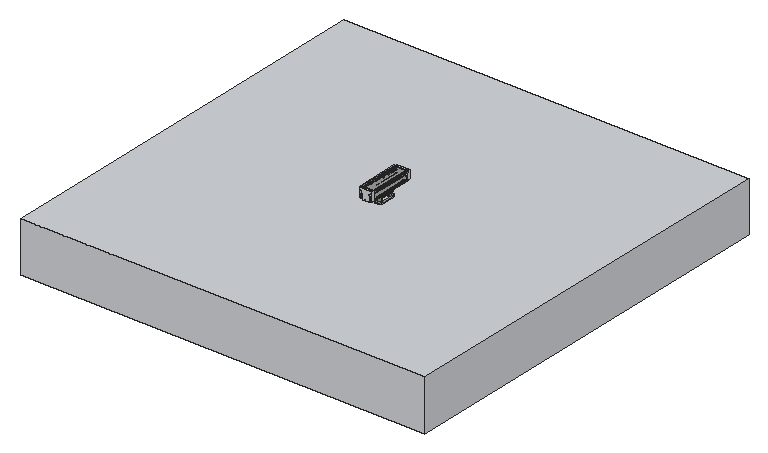
Revit family "L-industry NEW 12", category Осветительные приборы, Revit 2017 (continued)
Types (11, lengths in mm): name | Wattage | Артикул | URL | built-in parameter 1150134 | Файл фотометрической сетки | built-in parameter 1150142 | Группа модели | built-in parameter 1150105 | Lumens | built-in parameter 1150107 | built-in parameter 1150106 | Описание
  (no name) | 9.67403 W | "204101300742200" | "https://ledel.ru/products/home-light/l-industry-12.html" | 12 | "L-industry NEW 12-11-D-4.0K-02.ies" | "IESNA:LM-63-1995\r\n[TEST]LEDEL\r\n[DATA]27.11.2018\r\n[MANUFAC]LEDEL\r\n[LUMCAT]L-industry NEW 12/11/Д/4.0K/02\r\n[LUMINAIRE]Для освещения  промышленных объектов, складов, рекламных щитов, вывесок, декоративной подсветки  \r\n[MORE]\r\n[LAMPCAT]LED \r\n[LAMP]OSRAM OSLON\r\nTILT=NONE\r\n\r\n1 1437 1.0249643 37 19 1 2 0.28 0.083 0.110\r\n\r\n1 1 11\r\n\r\n0 2.5 5 7.5 10 12.5 15 17.5 20 22.5 25 27.5 30 32.5 35 37.5 40 42.5 45 47.5\r\n 50 52.5 55 57.5 60 62.5 65 67.5 70 72.5 75 77.5 80 82.5 85 87.5 90\r\n\r\n  0 5 10 15 20 25 30 35 40 45 50 55 60 65 70 75\r\n  80 85 90\r\n\r\n  720 725 728 712 704 700 683 669 654 632 615 586 558 523 478\r\n  408 362 320 277 237 206 164 127 105 101 104 88 70 67 68\r\n  61 62 54 46 29 14 11\r\n  717 729 723 706 704 699 682 667 655 633 615 591 559 525 481\r\n  411 362 322 280 239 203 175 142 119 111 112 94 78 77 68\r\n  56 55 49 41 26 11 3\r\n  717 727 726 706 698 694 680 667 652 630 611 586 559 525 482\r\n  413 356 310 261 212 181 169 149 126 104 91 87 72 61 62\r\n  63 54 47 42 27 15 6\r\n  716 727 724 707 695 695 682 665 648 631 615 586 562 529 485\r\n  425 356 304 248 202 179 159 138 115 97 88 84 82 70 53\r\n  47 47 44 34 22 12 5\r\n  717 723 724 711 696 688 682 665 651 633 614 591 561 529 489\r\n  436 363 300 252 209 176 151 129 119 118 103 80 68 66 61\r\n  55 43 39 31 21 14 6\r\n  717 720 721 717 699 683 676 670 649 632 613 586 563 528 486\r\n  436 382 300 246 213 183 158 137 124 110 92 81 75 71 60\r\n  55 52 43 31 22 14 6\r\n  716 716 714 715 707 686 673 663 649 632 614 591 561 523 485\r\n  442 395 321 252 213 190 178 157 126 106 98 94 84 70 66\r\n  61 52 46 39 28 13 5\r\n  714 714 708 709 704 694 680 659 647 630 611 589 557 525 486\r\n  450 403 346 299 246 214 185 153 133 119 112 96 71 72 75\r\n  67 62 56 47 35 20 6\r\n  717 711 708 700 696 689 676 664 651 635 615 591 559 528 497\r\n  461 414 356 313 281 250 199 163 151 146 128 104 96 93 79\r\n  69 70 61 51 37 21 6\r\n  717 712 706 701 690 681 671 659 643 629 607 577 547 519 488\r\n  453 395 340 304 279 244 192 150 128 121 109 85 78 85 66\r\n  63 62 54 46 28 12 3\r\n  717 721 718 720 717 712 706 695 683 666 647 620 597 568 537\r\n  500 440 385 344 307 263 214 182 175 161 129 106 100 90 75\r\n  72 68 61 50 36 18 4\r\n  714 721 721 727 730 718 705 688 677 670 656 630 599 568 534\r\n  496 444 379 326 282 246 206 163 137 129 121 97 73 72 69\r\n  66 61 52 43 29 14 4\r\n  716 722 729 732 727 711 699 692 683 666 649 627 592 558 521\r\n  480 425 350 292 241 214 203 174 133 116 111 104 84 71 68\r\n  58 48 47 36 22 11 3\r\n  717 724 733 730 717 708 704 693 674 663 643 622 592 553 511\r\n  467 411 338 280 243 206 176 152 132 109 98 91 84 70 59\r\n  51 45 36 29 19 6 4\r\n  717 723 734 727 714 712 710 691 675 660 643 625 592 554 511\r\n  460 404 341 277 229 199 169 143 136 129 104 76 69 66 62\r\n  52 39 33 25 17 6 3\r\n  716 726 733 720 712 715 705 688 675 660 642 615 589 552 508\r\n  454 395 325 262 225 198 174 154 128 107 101 92 86 69 47\r\n  47 43 34 26 14 5 2\r\n  717 726 729 715 713 714 699 688 674 656 635 615 584 546 509\r\n  456 391 338 288 241 211 193 173 130 107 96 93 77 60 62\r\n  54 43 36 28 17 6 3\r\n  717 726 730 713 712 711 693 686 671 652 631 608 576 540 502\r\n  448 391 345 302 260 228 195 151 132 126 120 100 83 77 64\r\n  53 47 43 30 15 6 3\r\n  720 727 727 712 714 709 688 681 666 644 626 601 571 537 499\r\n  444 389 340 296 260 232 192 133 109 106 116 103 69 68 76\r\n  54 47 47 31 14 6 3\r\n\r\n" | "L-industry NEW 12" | 114.35 (stored number, unit not read) | 1437 lm | 4000 (stored number, unit not read) | 1.1435 (stored number, unit not read) | "Для освещения  промышленных объектов, складов, рекламных щитов, вывесок, декоративной подсветки"
  L-industry 12-11-D-5.0K | 9.67403 W | "504013" | 0 | 2 | "L-industry NEW 12-11-D-5.0K-02.ies" | "IESNA:LM-63-1995\r\n[TEST]LEDEL\r\n[DATA]27.11.2018\r\n[MANUFAC]LEDEL\r\n[LUMCAT]L-industry NEW 12/11/Д/5.0K/02\r\n[LUMINAIRE]Для освещения  промышленных объектов, складов, рекламных щитов, вывесок, декоративной подсветки  \r\n[MORE]\r\n[LAMPCAT]LED \r\n[LAMP]OSRAM OSLON\r\nTILT=NONE\r\n\r\n1 1437 1.0249643 37 19 1 2 0.28 0.083 0.110\r\n\r\n1 1 11\r\n\r\n0 2.5 5 7.5 10 12.5 15 17.5 20 22.5 25 27.5 30 32.5 35 37.5 40 42.5 45 47.5\r\n 50 52.5 55 57.5 60 62.5 65 67.5 70 72.5 75 77.5 80 82.5 85 87.5 90\r\n\r\n  0 5 10 15 20 25 30 35 40 45 50 55 60 65 70 75\r\n  80 85 90\r\n\r\n  720 725 728 712 704 700 683 669 654 632 615 586 558 523 478\r\n  408 362 320 277 237 206 164 127 105 101 104 88 70 67 68\r\n  61 62 54 46 29 14 11\r\n  717 729 723 706 704 699 682 667 655 633 615 591 559 525 481\r\n  411 362 322 280 239 203 175 142 119 111 112 94 78 77 68\r\n  56 55 49 41 26 11 3\r\n  717 727 726 706 698 694 680 667 652 630 611 586 559 525 482\r\n  413 356 310 261 212 181 169 149 126 104 91 87 72 61 62\r\n  63 54 47 42 27 15 6\r\n  716 727 724 707 695 695 682 665 648 631 615 586 562 529 485\r\n  425 356 304 248 202 179 159 138 115 97 88 84 82 70 53\r\n  47 47 44 34 22 12 5\r\n  717 723 724 711 696 688 682 665 651 633 614 591 561 529 489\r\n  436 363 300 252 209 176 151 129 119 118 103 80 68 66 61\r\n  55 43 39 31 21 14 6\r\n  717 720 721 717 699 683 676 670 649 632 613 586 563 528 486\r\n  436 382 300 246 213 183 158 137 124 110 92 81 75 71 60\r\n  55 52 43 31 22 14 6\r\n  716 716 714 715 707 686 673 663 649 632 614 591 561 523 485\r\n  442 395 321 252 213 190 178 157 126 106 98 94 84 70 66\r\n  61 52 46 39 28 13 5\r\n  714 714 708 709 704 694 680 659 647 630 611 589 557 525 486\r\n  450 403 346 299 246 214 185 153 133 119 112 96 71 72 75\r\n  67 62 56 47 35 20 6\r\n  717 711 708 700 696 689 676 664 651 635 615 591 559 528 497\r\n  461 414 356 313 281 250 199 163 151 146 128 104 96 93 79\r\n  69 70 61 51 37 21 6\r\n  717 712 706 701 690 681 671 659 643 629 607 577 547 519 488\r\n  453 395 340 304 279 244 192 150 128 121 109 85 78 85 66\r\n  63 62 54 46 28 12 3\r\n  717 721 718 720 717 712 706 695 683 666 647 620 597 568 537\r\n  500 440 385 344 307 263 214 182 175 161 129 106 100 90 75\r\n  72 68 61 50 36 18 4\r\n  714 721 721 727 730 718 705 688 677 670 656 630 599 568 534\r\n  496 444 379 326 282 246 206 163 137 129 121 97 73 72 69\r\n  66 61 52 43 29 14 4\r\n  716 722 729 732 727 711 699 692 683 666 649 627 592 558 521\r\n  480 425 350 292 241 214 203 174 133 116 111 104 84 71 68\r\n  58 48 47 36 22 11 3\r\n  717 724 733 730 717 708 704 693 674 663 643 622 592 553 511\r\n  467 411 338 280 243 206 176 152 132 109 98 91 84 70 59\r\n  51 45 36 29 19 6 4\r\n  717 723 734 727 714 712 710 691 675 660 643 625 592 554 511\r\n  460 404 341 277 229 199 169 143 136 129 104 76 69 66 62\r\n  52 39 33 25 17 6 3\r\n  716 726 733 720 712 715 705 688 675 660 642 615 589 552 508\r\n  454 395 325 262 225 198 174 154 128 107 101 92 86 69 47\r\n  47 43 34 26 14 5 2\r\n  717 726 729 715 713 714 699 688 674 656 635 615 584 546 509\r\n  456 391 338 288 241 211 193 173 130 107 96 93 77 60 62\r\n  54 43 36 28 17 6 3\r\n  717 726 730 713 712 711 693 686 671 652 631 608 576 540 502\r\n  448 391 345 302 260 228 195 151 132 126 120 100 83 77 64\r\n  53 47 43 30 15 6 3\r\n  720 727 727 712 714 709 688 681 666 644 626 601 571 537 499\r\n  444 389 340 296 260 232 192 133 109 106 116 103 69 68 76\r\n  54 47 47 31 14 6 3\r\n\r\n" | 0 | 114.35 (stored number, unit not read) | 1437 lm | 5000 (stored number, unit not read) | 1.1435 (stored number, unit not read) | 0
  L-industry 12-11-G60-5.0K | 9.79521 W | "504012" | 0 | 2 | "L-industry NEW 12-11-G60-5.0K-01.ies" | "IESNA:LM-63-1995\r\n[TEST]LEDEL\r\n[DATA]27.11.2018\r\n[MANUFAC]LEDEL\r\n[LUMCAT]L-industry NEW 12/11/Г60/5.0K/01\r\n[LUMINAIRE]Для освещения  промышленных объектов, складов, рекламных щитов, вывесок, декоративной подсветки  \r\n[MORE]\r\n[LAMPCAT]LED \r\n[LAMP]OSRAM OSLON \r\nTILT=NONE\r\n\r\n1 1455 0.893186 37 19 1 2 0.28 0.083 0.110\r\n\r\n1 1 11\r\n\r\n0 2.5 5 7.5 10 12.5 15 17.5 20 22.5 25 27.5 30 32.5 35 37.5 40 42.5 45 47.5\r\n 50 52.5 55 57.5 60 62.5 65 67.5 70 72.5 75 77.5 80 82.5 85 87.5 90\r\n\r\n  0 5 10 15 20 25 30 35 40 45 50 55 60 65 70 75\r\n  80 85 90\r\n\r\n  1955 1942 1893 1816 1739 1659 1569 1473 1364 1237 1101 947 788 636 502\r\n  383 290 222 174 136 110 87 69 58 46 38 31 23 20 14\r\n  11 6 1 2 1 1 1\r\n  1954 1939 1889 1813 1734 1651 1563 1461 1347 1225 1085 931 770 620 483\r\n  368 280 216 168 135 109 88 72 60 50 39 33 25 20 15\r\n  11 6 3 2 1 1 1\r\n  1955 1936 1881 1808 1731 1653 1561 1457 1345 1224 1084 931 776 623 488\r\n  370 281 216 169 135 109 87 71 59 47 39 33 26 20 15\r\n  11 6 3 1 1 1 1\r\n  1953 1940 1890 1822 1751 1671 1574 1464 1345 1220 1082 927 773 628 491\r\n  378 288 220 168 131 104 84 69 58 47 37 31 25 20 15\r\n  11 6 3 2 1 1 1\r\n  1955 1940 1891 1825 1760 1686 1590 1478 1356 1230 1089 938 784 638 502\r\n  387 296 226 173 134 107 87 69 59 47 41 31 25 20 15\r\n  12 9 5 2 1 1 1\r\n  1955 1931 1881 1817 1755 1684 1583 1469 1338 1196 1045 892 743 605 480\r\n  372 288 222 173 136 110 88 72 59 49 39 33 27 21 15\r\n  11 9 5 3 1 2 1\r\n  1953 1931 1882 1818 1759 1687 1586 1465 1331 1185 1030 876 730 597 473\r\n  364 278 214 166 133 108 88 71 58 47 38 31 25 19 15\r\n  11 7 5 3 2 1 1\r\n  1954 1935 1890 1829 1769 1695 1593 1473 1336 1191 1032 869 718 580 454\r\n  347 268 208 162 129 107 87 69 59 47 39 33 26 20 14\r\n  11 6 5 2 2 1 1\r\n  1952 1928 1881 1822 1762 1683 1578 1455 1320 1176 1018 851 693 551 429\r\n  331 255 197 157 128 103 85 69 58 47 41 31 26 20 15\r\n  12 9 5 2 1 2 1\r\n  1952 1923 1871 1812 1755 1671 1560 1436 1309 1169 1017 855 702 564 440\r\n  336 258 198 157 126 102 83 68 58 45 37 31 27 20 15\r\n  11 9 5 3 2 2 1\r\n  1952 1936 1870 1781 1693 1613 1523 1409 1288 1163 1029 886 742 607 485\r\n  375 290 224 176 140 115 95 78 67 56 47 42 32 27 21\r\n  18 12 8 5 3 3 2\r\n  1954 1929 1860 1770 1684 1604 1514 1403 1282 1162 1027 885 743 609 485\r\n  375 288 226 177 141 116 95 79 67 55 45 39 34 24 20\r\n  15 12 8 5 3 3 3\r\n  1953 1932 1867 1777 1689 1606 1519 1412 1291 1169 1039 902 759 620 497\r\n  388 299 231 181 143 117 96 78 66 54 45 37 30 25 20\r\n  14 12 8 5 3 2 2\r\n  1955 1932 1868 1779 1693 1613 1522 1417 1298 1176 1044 902 759 624 499\r\n  387 298 230 179 142 116 95 77 64 53 46 37 30 25 21\r\n  15 11 9 5 3 2 1\r\n  1955 1925 1857 1769 1684 1602 1505 1398 1279 1155 1020 870 720 580 457\r\n  351 272 214 167 134 109 89 75 62 52 43 36 29 25 19\r\n  14 12 8 5 3 3 2\r\n  1953 1923 1856 1767 1685 1603 1509 1400 1285 1167 1034 884 733 593 465\r\n  359 277 215 168 134 109 89 75 62 53 44 37 30 25 18\r\n  14 11 8 3 3 2 3\r\n  1955 1931 1868 1783 1698 1613 1515 1404 1286 1163 1022 871 720 584 460\r\n  355 274 213 166 133 108 89 72 62 53 43 36 29 24 20\r\n  14 11 6 3 3 2 3\r\n  1954 1924 1855 1773 1689 1603 1508 1402 1288 1164 1027 877 726 585 461\r\n  354 272 210 164 130 108 88 72 61 49 41 35 28 22 18\r\n  13 9 4 2 3 2 2\r\n  1955 1925 1865 1786 1706 1622 1524 1414 1298 1171 1030 875 722 583 458\r\n  353 273 211 165 133 108 87 72 61 51 42 34 28 22 19\r\n  14 11 5 3 3 2 2\r\n\r\n" | 0 | 115.79 (stored number, unit not read) | 1455 lm | 5000 (stored number, unit not read) | 1.1579 (stored number, unit not read) | 0
  L-industry 12-11-K15-5.0K | 9.76828 W | "504010" | 0 | 2 | "L-industry NEW 12-11-K15-5.0K-01.ies" | "IESNA:LM-63-1995\r\n[TEST]LEDEL\r\n[DATA]27.11.2018\r\n[MANUFAC]LEDEL\r\n[LUMCAT]L-industry NEW 12/11/К15/5.0K/01\r\n[LUMINAIRE]Для освещения  промышленных объектов, складов, рекламных щитов, вывесок, декоративной подсветки  \r\n[MORE]\r\n[LAMPCAT]LED \r\n[LAMP]OSRAM OSLON \r\nTILT=NONE\r\n\r\n1 1451 0.5685736 37 19 1 2 0.28 0.083 0.110\r\n\r\n1 1 11\r\n\r\n0 2.5 5 7.5 10 12.5 15 17.5 20 22.5 25 27.5 30 32.5 35 37.5 40 42.5 45 47.5\r\n 50 52.5 55 57.5 60 62.5 65 67.5 70 72.5 75 77.5 80 82.5 85 87.5 90\r\n\r\n  0 5 10 15 20 25 30 35 40 45 50 55 60 65 70 75\r\n  80 85 90\r\n\r\n  12526 11748 9750 7087 4930 3382 2257 1506 1026 741 594 525 462 425 367\r\n  308 279 250 206 194 162 132 125 103 103 66 59 59 52 30\r\n  30 4 1 1 1 1 1\r\n  12556 11751 9911 7295 5106 3602 2432 1646 1107 774 608 517 469 422 367\r\n  315 279 261 213 206 176 136 132 106 96 88 59 56 44 41\r\n  30 15 8 1 1 1 1\r\n  12512 11637 9787 7137 4974 3500 2366 1624 1063 759 601 513 469 425 367\r\n  337 301 264 220 191 176 147 132 118 103 88 88 59 44 33\r\n  30 19 8 1 1 1 1\r\n  12526 11704 10102 7570 5231 3675 2520 1719 1158 785 623 528 499 440 381\r\n  341 293 264 220 194 176 147 132 118 103 88 74 59 52 44\r\n  30 26 15 1 1 1 1\r\n  12526 12548 11845 10201 7626 5342 3626 2399 1597 1088 777 630 528 499 440\r\n  381 337 305 264 227 206 176 140 132 118 103 88 82 59 44\r\n  37 26 22 12 1 1 1\r\n  12512 12588 11999 10275 7618 5357 3663 2446 1656 1121 792 619 543 492 425\r\n  381 352 293 264 220 198 188 147 129 118 103 88 66 59 33\r\n  37 26 15 1 1 1 1\r\n  12556 12603 11933 9993 7333 5156 3509 2358 1583 1077 770 616 543 492 440\r\n  381 337 279 235 220 206 154 132 121 118 103 88 82 59 44\r\n  30 15 1 1 1 1 1\r\n  12519 12614 12028 10154 7509 5284 3626 2431 1656 1103 777 616 535 499 447\r\n  378 323 279 250 220 198 176 147 129 110 100 96 82 59 41\r\n  30 15 1 1 1 1 1\r\n  12526 12599 11904 9967 7325 5166 3546 2361 1627 1103 770 619 528 510 447\r\n  381 323 282 250 220 191 191 147 129 110 114 96 66 59 44\r\n  37 15 8 1 1 1 1\r\n  12526 11748 9750 7087 4930 3382 2257 1506 1026 741 594 525 462 425 367\r\n  308 279 250 206 194 162 132 125 103 103 66 59 59 52 30\r\n  30 4 1 1 1 1 1\r\n  12526 11748 9750 7087 4930 3382 2257 1506 1026 741 594 525 462 425 367\r\n  308 279 250 206 194 162 132 125 103 103 66 59 59 52 30\r\n  30 4 1 1 1 1 1\r\n  12526 11748 9750 7087 4930 3382 2257 1506 1026 741 594 525 462 425 367\r\n  308 279 250 206 194 162 132 125 103 103 66 59 59 52 30\r\n  30 4 1 1 1 1 1\r\n  12526 11748 9750 7087 4930 3382 2257 1506 1026 741 594 525 462 425 367\r\n  308 279 250 206 194 162 132 125 103 103 66 59 59 52 30\r\n  30 4 1 1 1 1 1\r\n  12526 11748 9750 7087 4930 3382 2257 1506 1026 741 594 525 462 425 367\r\n  308 279 250 206 194 162 132 125 103 103 66 59 59 52 30\r\n  30 4 1 1 1 1 1\r\n  12526 11748 9750 7087 4930 3382 2257 1506 1026 741 594 525 462 425 367\r\n  308 279 250 206 194 162 132 125 103 103 66 59 59 52 30\r\n  30 4 1 1 1 1 1\r\n  12526 11748 9750 7087 4930 3382 2257 1506 1026 741 594 525 462 425 367\r\n  308 279 250 206 194 162 132 125 103 103 66 59 59 52 30\r\n  30 4 1 1 1 1 1\r\n  12526 11748 9750 7087 4930 3382 2257 1506 1026 741 594 525 462 425 367\r\n  308 279 250 206 194 162 132 125 103 103 66 59 59 52 30\r\n  30 4 1 1 1 1 1\r\n  12526 11748 9750 7087 4930 3382 2257 1506 1026 741 594 525 462 425 367\r\n  308 279 250 206 194 162 132 125 103 103 66 59 59 52 30\r\n  30 4 1 1 1 1 1\r\n  12526 11748 9750 7087 4930 3382 2257 1506 1026 741 594 525 462 425 367\r\n  308 279 250 206 194 162 132 125 103 103 66 59 59 52 30\r\n  30 4 1 1 1 1 1\r\n\r\n" | 0 | 115.47 (stored number, unit not read) | 1451 lm | 5000 (stored number, unit not read) | 1.1547 (stored number, unit not read) | 0
  L-industry 12-11-D-4.0K | 9.67403 W | "204101300742200" | "https://ledel.ru/products/home-light/l-industry-12.html" | 12 | "L-industry NEW 12-11-D-4.0K-02.ies" | "IESNA:LM-63-1995\r\n[TEST]LEDEL\r\n[DATA]27.11.2018\r\n[MANUFAC]LEDEL\r\n[LUMCAT]L-industry NEW 12/11/Д/4.0K/02\r\n[LUMINAIRE]Для освещения  промышленных объектов, складов, рекламных щитов, вывесок, декоративной подсветки  \r\n[MORE]\r\n[LAMPCAT]LED \r\n[LAMP]OSRAM OSLON\r\nTILT=NONE\r\n\r\n1 1437 1.0249643 37 19 1 2 0.28 0.083 0.110\r\n\r\n1 1 11\r\n\r\n0 2.5 5 7.5 10 12.5 15 17.5 20 22.5 25 27.5 30 32.5 35 37.5 40 42.5 45 47.5\r\n 50 52.5 55 57.5 60 62.5 65 67.5 70 72.5 75 77.5 80 82.5 85 87.5 90\r\n\r\n  0 5 10 15 20 25 30 35 40 45 50 55 60 65 70 75\r\n  80 85 90\r\n\r\n  720 725 728 712 704 700 683 669 654 632 615 586 558 523 478\r\n  408 362 320 277 237 206 164 127 105 101 104 88 70 67 68\r\n  61 62 54 46 29 14 11\r\n  717 729 723 706 704 699 682 667 655 633 615 591 559 525 481\r\n  411 362 322 280 239 203 175 142 119 111 112 94 78 77 68\r\n  56 55 49 41 26 11 3\r\n  717 727 726 706 698 694 680 667 652 630 611 586 559 525 482\r\n  413 356 310 261 212 181 169 149 126 104 91 87 72 61 62\r\n  63 54 47 42 27 15 6\r\n  716 727 724 707 695 695 682 665 648 631 615 586 562 529 485\r\n  425 356 304 248 202 179 159 138 115 97 88 84 82 70 53\r\n  47 47 44 34 22 12 5\r\n  717 723 724 711 696 688 682 665 651 633 614 591 561 529 489\r\n  436 363 300 252 209 176 151 129 119 118 103 80 68 66 61\r\n  55 43 39 31 21 14 6\r\n  717 720 721 717 699 683 676 670 649 632 613 586 563 528 486\r\n  436 382 300 246 213 183 158 137 124 110 92 81 75 71 60\r\n  55 52 43 31 22 14 6\r\n  716 716 714 715 707 686 673 663 649 632 614 591 561 523 485\r\n  442 395 321 252 213 190 178 157 126 106 98 94 84 70 66\r\n  61 52 46 39 28 13 5\r\n  714 714 708 709 704 694 680 659 647 630 611 589 557 525 486\r\n  450 403 346 299 246 214 185 153 133 119 112 96 71 72 75\r\n  67 62 56 47 35 20 6\r\n  717 711 708 700 696 689 676 664 651 635 615 591 559 528 497\r\n  461 414 356 313 281 250 199 163 151 146 128 104 96 93 79\r\n  69 70 61 51 37 21 6\r\n  717 712 706 701 690 681 671 659 643 629 607 577 547 519 488\r\n  453 395 340 304 279 244 192 150 128 121 109 85 78 85 66\r\n  63 62 54 46 28 12 3\r\n  717 721 718 720 717 712 706 695 683 666 647 620 597 568 537\r\n  500 440 385 344 307 263 214 182 175 161 129 106 100 90 75\r\n  72 68 61 50 36 18 4\r\n  714 721 721 727 730 718 705 688 677 670 656 630 599 568 534\r\n  496 444 379 326 282 246 206 163 137 129 121 97 73 72 69\r\n  66 61 52 43 29 14 4\r\n  716 722 729 732 727 711 699 692 683 666 649 627 592 558 521\r\n  480 425 350 292 241 214 203 174 133 116 111 104 84 71 68\r\n  58 48 47 36 22 11 3\r\n  717 724 733 730 717 708 704 693 674 663 643 622 592 553 511\r\n  467 411 338 280 243 206 176 152 132 109 98 91 84 70 59\r\n  51 45 36 29 19 6 4\r\n  717 723 734 727 714 712 710 691 675 660 643 625 592 554 511\r\n  460 404 341 277 229 199 169 143 136 129 104 76 69 66 62\r\n  52 39 33 25 17 6 3\r\n  716 726 733 720 712 715 705 688 675 660 642 615 589 552 508\r\n  454 395 325 262 225 198 174 154 128 107 101 92 86 69 47\r\n  47 43 34 26 14 5 2\r\n  717 726 729 715 713 714 699 688 674 656 635 615 584 546 509\r\n  456 391 338 288 241 211 193 173 130 107 96 93 77 60 62\r\n  54 43 36 28 17 6 3\r\n  717 726 730 713 712 711 693 686 671 652 631 608 576 540 502\r\n  448 391 345 302 260 228 195 151 132 126 120 100 83 77 64\r\n  53 47 43 30 15 6 3\r\n  720 727 727 712 714 709 688 681 666 644 626 601 571 537 499\r\n  444 389 340 296 260 232 192 133 109 106 116 103 69 68 76\r\n  54 47 47 31 14 6 3\r\n\r\n" | "L-industry NEW 12" | 114.35 (stored number, unit not read) | 1437 lm | 4000 (stored number, unit not read) | 1.1435 (stored number, unit not read) | "Для освещения  промышленных объектов, складов, рекламных щитов, вывесок, декоративной подсветки"
  L-industry 12-11-K15-4.0K | 9.76828 W | "204101302741200" | 0 | 12 | "L-industry NEW 12-11-K15-4.0K-01.ies" | "IESNA:LM-63-1995\r\n[TEST]LEDEL\r\n[DATA]27.11.2018\r\n[MANUFAC]LEDEL\r\n[LUMCAT]L-industry NEW 12/11/К15/4.0K/01\r\n[LUMINAIRE]Для освещения  промышленных объектов, складов, рекламных щитов, вывесок, декоративной подсветки  \r\n[MORE]\r\n[LAMPCAT]LED \r\n[LAMP]OSRAM OSLON \r\nTILT=NONE\r\n\r\n1 1451 0.5685736 37 19 1 2 0.28 0.083 0.110\r\n\r\n1 1 11\r\n\r\n0 2.5 5 7.5 10 12.5 15 17.5 20 22.5 25 27.5 30 32.5 35 37.5 40 42.5 45 47.5\r\n 50 52.5 55 57.5 60 62.5 65 67.5 70 72.5 75 77.5 80 82.5 85 87.5 90\r\n\r\n  0 5 10 15 20 25 30 35 40 45 50 55 60 65 70 75\r\n  80 85 90\r\n\r\n  12526 11748 9750 7087 4930 3382 2257 1506 1026 741 594 525 462 425 367\r\n  308 279 250 206 194 162 132 125 103 103 66 59 59 52 30\r\n  30 4 1 1 1 1 1\r\n  12556 11751 9911 7295 5106 3602 2432 1646 1107 774 608 517 469 422 367\r\n  315 279 261 213 206 176 136 132 106 96 88 59 56 44 41\r\n  30 15 8 1 1 1 1\r\n  12512 11637 9787 7137 4974 3500 2366 1624 1063 759 601 513 469 425 367\r\n  337 301 264 220 191 176 147 132 118 103 88 88 59 44 33\r\n  30 19 8 1 1 1 1\r\n  12526 11704 10102 7570 5231 3675 2520 1719 1158 785 623 528 499 440 381\r\n  341 293 264 220 194 176 147 132 118 103 88 74 59 52 44\r\n  30 26 15 1 1 1 1\r\n  12526 12548 11845 10201 7626 5342 3626 2399 1597 1088 777 630 528 499 440\r\n  381 337 305 264 227 206 176 140 132 118 103 88 82 59 44\r\n  37 26 22 12 1 1 1\r\n  12512 12588 11999 10275 7618 5357 3663 2446 1656 1121 792 619 543 492 425\r\n  381 352 293 264 220 198 188 147 129 118 103 88 66 59 33\r\n  37 26 15 1 1 1 1\r\n  12556 12603 11933 9993 7333 5156 3509 2358 1583 1077 770 616 543 492 440\r\n  381 337 279 235 220 206 154 132 121 118 103 88 82 59 44\r\n  30 15 1 1 1 1 1\r\n  12519 12614 12028 10154 7509 5284 3626 2431 1656 1103 777 616 535 499 447\r\n  378 323 279 250 220 198 176 147 129 110 100 96 82 59 41\r\n  30 15 1 1 1 1 1\r\n  12526 12599 11904 9967 7325 5166 3546 2361 1627 1103 770 619 528 510 447\r\n  381 323 282 250 220 191 191 147 129 110 114 96 66 59 44\r\n  37 15 8 1 1 1 1\r\n  12526 11748 9750 7087 4930 3382 2257 1506 1026 741 594 525 462 425 367\r\n  308 279 250 206 194 162 132 125 103 103 66 59 59 52 30\r\n  30 4 1 1 1 1 1\r\n  12526 11748 9750 7087 4930 3382 2257 1506 1026 741 594 525 462 425 367\r\n  308 279 250 206 194 162 132 125 103 103 66 59 59 52 30\r\n  30 4 1 1 1 1 1\r\n  12526 11748 9750 7087 4930 3382 2257 1506 1026 741 594 525 462 425 367\r\n  308 279 250 206 194 162 132 125 103 103 66 59 59 52 30\r\n  30 4 1 1 1 1 1\r\n  12526 11748 9750 7087 4930 3382 2257 1506 1026 741 594 525 462 425 367\r\n  308 279 250 206 194 162 132 125 103 103 66 59 59 52 30\r\n  30 4 1 1 1 1 1\r\n  12526 11748 9750 7087 4930 3382 2257 1506 1026 741 594 525 462 425 367\r\n  308 279 250 206 194 162 132 125 103 103 66 59 59 52 30\r\n  30 4 1 1 1 1 1\r\n  12526 11748 9750 7087 4930 3382 2257 1506 1026 741 594 525 462 425 367\r\n  308 279 250 206 194 162 132 125 103 103 66 59 59 52 30\r\n  30 4 1 1 1 1 1\r\n  12526 11748 9750 7087 4930 3382 2257 1506 1026 741 594 525 462 425 367\r\n  308 279 250 206 194 162 132 125 103 103 66 59 59 52 30\r\n  30 4 1 1 1 1 1\r\n  12526 11748 9750 7087 4930 3382 2257 1506 1026 741 594 525 462 425 367\r\n  308 279 250 206 194 162 132 125 103 103 66 59 59 52 30\r\n  30 4 1 1 1 1 1\r\n  12526 11748 9750 7087 4930 3382 2257 1506 1026 741 594 525 462 425 367\r\n  308 279 250 206 194 162 132 125 103 103 66 59 59 52 30\r\n  30 4 1 1 1 1 1\r\n  12526 11748 9750 7087 4930 3382 2257 1506 1026 741 594 525 462 425 367\r\n  308 279 250 206 194 162 132 125 103 103 66 59 59 52 30\r\n  30 4 1 1 1 1 1\r\n\r\n" | 0 | 115.47 (stored number, unit not read) | 1451 lm | 4000 (stored number, unit not read) | 1.1547 (stored number, unit not read) | 0
